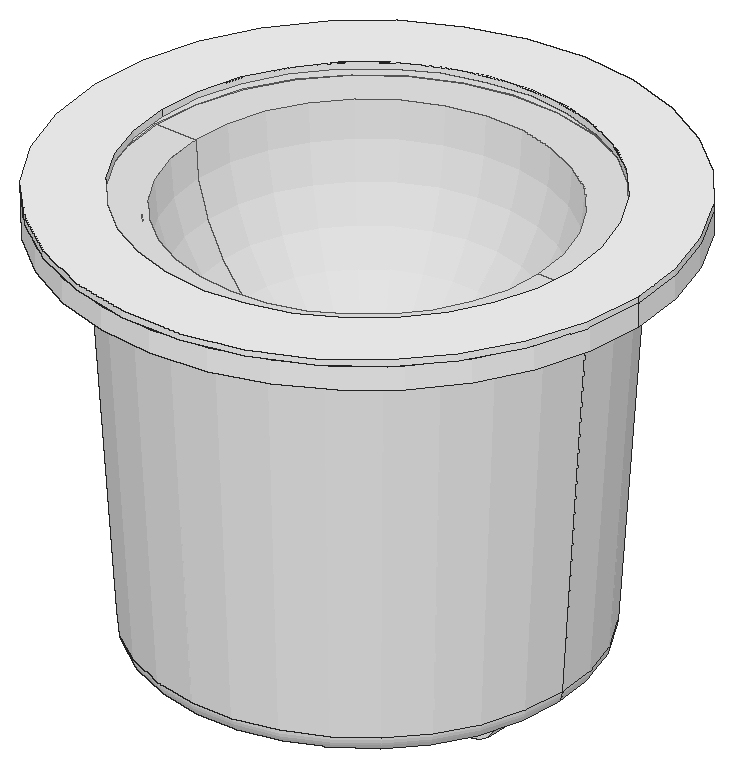
Revit family "2059239", category Lighting Fixtures, host Face, Revit 2018
Family settings
  Host = Face
  Round Connector Dimension = Use Diameter
  Part Type = Normal
  OmniClass Number = 23.80.70.11.17
  OmniClass Title = Specialized Lighting by Location or Use
  Cut with Voids When Loaded = No
  Light Source = Yes
  Shared = No
  Room Calculation Point = No
Parameters (values of type "2059239 MYRIAD DECO IP65 SP 2.7K PHD EM SI WBEZ")
  Weight = "n/a"
  Wattage = 15 W
  WarrantyStartDate [instance] = "n/a"
  WarrantyGuarantorParts = "n/a"
  WarrantyDurationUnit = "n/a"
  WarrantyDurationParts = ""
  WarrantyDescription = "http://www.sylvania-lighting.com"
  built-in parameter 1150110 = 1 (stored number, unit not read)
  Voltage = 230 V
  URL = "0"
  TypeName = "MYRIAD DECO IP65 SPOT 2700K PHDM EM SILVER WBEZ"
  Type Image = 0
  Type Comments = ""
  built-in parameter 1114217 = 1 (stored number, unit not read)
  Tilt Angle = -90°
  built-in parameter 1150109 = 1 (stored number, unit not read)
  built-in parameter 1150134 = (empty or 0)
  built-in parameter 1150113 = 1 (stored number, unit not read)
  SerialNumber [instance] = "n/a"
  Reflector Radius = Cutout Diameter / 2 - 2.5 mm  # 35.0 mm
  Reflector Material = Aluminum_Sylvania_Myriad_Bright
  Recessed Depth = Height  # 72.0 mm
  PowerFactor = 0
  PowerConsumption = "Lighting"
  Photometric Web File = "2059239.ies"
  NominalWidth = 0.0 mm
  NominalLength = 76.0 mm
  NominalHeight = 72.0 mm
  Name = "MYRIAD DECO IP65 SPOT 2700K PHDM EM SILVER WBEZ"
  ModelReference = "MYRIAD DECO IP65 SPOT 2700K PHDM EM SILVER WBEZ"
  ModelNumber = "2059239"
  Material = "Feilo Sylvania"
  ManufacturerName = "103 lm/W"
  LuminousEfficacy = ""
  LuminaireType = "0"
  LightOutputRatio = "LED"
  LampsType = Lamp  # "n/a"
  LampNominalLuminous = "2700 K"
  LampMacAdamStep = "90"
  LampColourTemperature = "LED"
  LampColourRenderingIndex = "16500"
  Keynote = "n/a"
  Keynote_2 = "16500"
  InstallationDate [instance] = "n/a"
  InputVoltage = "0"
  InputNominalFrequency = "2700"
  IngressProtection = "IfcLightFixtureType"
  ImpactProtectionIndex = "IfcLightFixtureType"
  IfcExportType = "IfcLightFixtureType"
  IfcExportAs = "Class II"
  Height = 72.0 mm  # constant formula
  ExpectedLife = 50000
  Emit from Circle Diameter = Accessory Inner Diameter 2  # 68.0 mm
  Emit Shape Visible in Rendering = no
  ElectricShockClassification = "103"
  DurationUnit = "hours"
  DocumentationLiterature = "http://www.sylvania-lighting.com/product/en-int/products/2059239"
  DimmingControlOptions = "n/a"
  Diffuser Material = Glass_Sylvania_Myriad_Clear_4000K
  Diffuser Diameter = Cutout Diameter  # 75.0 mm
  Cutout Diameter = 75.0 mm  # constant formula
  CreatedOn = "03/02/2022"
  CreatedBy = "@sylvania-lighting.com"
  built-in parameter 1001205 = 0
  Cost = 0
  built-in parameter 1114216 [instance] = 1 (stored number, unit not read)
  Model = "MYRIAD DECO IP65 SPOT 2700K PHDM EM SILVER WBEZ"
  Manufacturer = "Feilo Sylvania"  # constant formula
  built-in parameter 1150105 = 83.556 (stored number, unit not read)
  Lumens = 1050 lm
  built-in parameter 1150115 = 1 (stored number, unit not read)
  built-in parameter 1150137 = (empty or 0)
  built-in parameter 1150139 = (empty or 0)
  built-in parameter 1150112 = 1 (stored number, unit not read)
  built-in parameter 1150114 = 1 (stored number, unit not read)
  Lamp = "n/a"
  built-in parameter 1150132 = (empty or 0)
  built-in parameter 1150102 = (empty or 0)
  built-in parameter 1150107 = 2700 (stored number, unit not read)
  built-in parameter 1150138 = (empty or 0)
  built-in parameter 1150106 = 0.83556 (stored number, unit not read)
  built-in parameter 1150104 = 6.5032 (stored number, unit not read)
  Dimming Lamp Color Temperature Shift = <None>
  Description = "Supplied complete with electronic control gear Compact Fluorescent low energy downlight Emergency version passes through the cut out Ideal for low level orientation lighting New range of Architectural accessories each providing a different lit dimension New completely flush plaster up accessory ring for clean ceiling lines and smooth finish Order lamp separately"  # constant formula
  Default Elevation = 0.0 mm
  Color Filter = 16777215
  built-in parameter 1140040 [instance] = 1
  Body Radius = Reflector Radius + 1.5 mm  # 36.5 mm
  Body Material = Aluminum_Sylvania_Myriad_Gray
  BarCode [instance] = "n/a"
  built-in parameter 1114218 = 1 (stored number, unit not read)
  built-in parameter 1150133 = 10 (stored number, unit not read)
  AssetType = "Fixed"
  AssetIdentifier [instance] = "n/a"
  Assembly Code = "D5020200"
  Apparent Load = 12 VA
  Accessory Material = Aluminum_Sylvania_Myriad_White
  Accessory Inner Diameter 2 = Accessory Diameter - 22.0 mm  # 68.0 mm
  Accessory Inner Diameter 1 = Accessory Diameter - 2.0 mm  # 88.0 mm
  Accessory Diameter = Cutout Diameter + 15.0 mm  # 90.0 mm
Reference planes
  plane 1 "Center (Front/Back)": y = 0
  plane 2: z = 0
  plane 3 "Center (Left/Right)": x = 0
  plane 4: z = 2
  plane 5 "Fixture Bottom": z = 4.5
  plane 6: z = -28.5
  plane 7: z = -61.5
  plane 8 "Fixture Top": z = -67.5
  plane 9: z = 3.5
Forms (mm)
  Revolve 1, solid, material "Aluminum_Sylvania_Myriad_Bright" <- "Reflector Material", detail levels fine
    sketch origin (0, 0, 0) x (1, 0, 0) y (0, 0, 1)
      loop
        line (0, -27.515) -> (-6, -27.515)
        arc (-6, -27.515) -> (-22.333, -16.632) -> (-28.5, 2) r 30.135
        line (-28.5, 2) -> (-35, 2) -> (-35, 0) -> (-29.184, 0)
        arc (-29.184, 0) -> (-22.423, -18.18) -> (-6, -28.5) r 30.204
        line (-6, -28.5) -> (0, -28.5) -> (0, -27.515)
      axis (0, -28.5) -> (0, 2)
    angle from 0 to 360
  Revolve 2, solid, material "Aluminum_Sylvania_Myriad_Gray" <- "Body Material", detail levels fine
    sketch origin (0, 0, 0) x (1, 0, 0) y (0, 0, 1)
      loop
        line (-44, 2) -> (-44, 0) -> (-36.5, 0) -> (-32.42, -58.708)
        arc (-32.42, -58.708) -> (-31.474, -60.694) -> (-29.428, -61.5) r 3
        line (-29.428, -61.5) -> (0, -61.5) -> (0, -28.5) -> (-6, -28.5)
        arc (-6, -28.5) -> (-22.423, -18.18) -> (-29.184, 0) r 30.204
        line (-29.184, 0) -> (-35, 0) -> (-35, 2) -> (-44, 2)
      axis (0, 2) -> (0, -61.5)
    angle from 0 to 360
  Extrusion 3, solid, material "Aluminum_Sylvania_Myriad_Gray" <- "Body Material", detail levels fine
    sketch origin (0, 0, 0) x (1, 0, 0) y (0, 0, 1)
      loop
        line (-13.5, -67.5) -> (21, -67.5)
        arc (21, -67.5) -> (23.828, -66.328) -> (25, -63.5) r 4
        line (25, -63.5) -> (25, -61.5) -> (-17.5, -61.5) -> (-17.5, -63.5)
        arc (-17.5, -63.5) -> (-16.328, -66.328) -> (-13.5, -67.5) r 4
    from -4.5 to 4.5
  Extrusion 4, solid, material "Aluminum_Sylvania_Myriad_White" <- "Accessory Material", detail levels fine
    sketch origin (0, 0, 0) x (1, 0, 0) y (0, 1, 0)
      loop
        circle (0, 0) r 45
      loop
        circle (0, 0) r 44
    from 0 to 3.5
  Extrusion 5, solid, material "Aluminum_Sylvania_Myriad_White" <- "Accessory Material", detail levels fine
    sketch origin (0, 0, 0) x (1, 0, 0) y (0, 1, 0)
      loop
        circle (0, 0) r 45
      loop
        circle (0, 0) r 34
    from 3.5 to 4.5
  Extrusion 6, solid, material "Aluminum_Sylvania_Myriad_White" <- "Accessory Material", detail levels coarse+medium
    sketch origin (0, 0, 0) x (1, 0, 0) y (0, 1, 0)
      loop
        circle (0, 0) r 45
    from 0 to 4.5
  Revolve 7, solid, detail levels coarse+medium
    sketch origin (0, 0, 0) x (1, 0, 0) y (0, 0, 1)
      loop
        line (36.5, 0) -> (0, 0) -> (0, -61.5) -> (32.226, -61.5) -> (36.5, 0)
      axis (0, 0) -> (0, -61.5)
    angle from 0 to 360
  Extrusion 8, void
    sketch origin (0, 0, 0) x (1, 0, 0) y (0, 1, 0)
      loop
        circle (0, 0) r 37.5
    from -67.5 to 0
  Extrusion 9, solid, material "Glass_Sylvania_Myriad_Clear_4000K" <- "Diffuser Material", detail levels fine
    sketch origin (0, 0, 0) x (1, 0, 0) y (0, 1, 0)
      loop
        circle (0, 0) r 37.5
    from 2 to 3.5
Cuts and joins
  joined: Extrusion 4, Extrusion 5
Lines and regions (mm)
  Masking region 1
    outline origin (0, 0, 0) x (1, 0, 0) y (0, 1, 0)
      loop
        circle (0, 0) r 45
  symbolic lines
    curve 1: arc (-34, 0, 0) -> (0, 34, 0) -> (34, 0, 0) r 34
    curve 2: arc (34, 0, 0) -> (0, -34, 0) -> (-34, 0, 0) r 34
Dimensions and locks
  locked: plane 7 to plane 8 "Fixture Top" at 6
  "Body Radius": Revolve 7 sketch curve to plane 3 "Center (Left/Right)"
  locked: Revolve 7 sketch curve to Revolve 7 sketch curve at 4.274
  plane 5 "Fixture Bottom" to plane 9 to plane 4 to plane 2 to plane 6 = 1.0 mm locked, 1.5 mm locked, 2.0 mm locked, 28.5 mm locked
  "Reflector Radius": Revolve 1 sketch curve to plane 3 "Center (Left/Right)"
  Revolve 1 sketch curve to Revolve 1 sketch curve to Revolve 1 sketch curve to Revolve 1 sketch curve = 6.5 mm locked, 22.5 mm locked, 0.0 mm locked
  "Reflector Radius": plane 3 "Center (Left/Right)" to Revolve 2 sketch curve
  Revolve 2 sketch curve to Revolve 2 sketch curve to Revolve 2 sketch curve = 7.5 mm locked, 1.5 mm locked
  Revolve 2 sketch curve to Revolve 2 sketch curve to Revolve 2 sketch curve = 5.816 mm locked, 23.184 mm locked
  Revolve 2 sketch curve to Revolve 2 sketch curve to Revolve 2 sketch curve = 2.58 mm locked, 2.993 mm locked
  "Accessory Diameter": diameter of Extrusion 4 sketch curve
  "Accessory Inner Diameter 1": diameter of Extrusion 4 sketch curve
  "Accessory Diameter": diameter of Extrusion 5 sketch curve
  "Accessory Diameter": diameter of Extrusion 6 sketch curve
  "Cutout Diameter": diameter of Extrusion 8 sketch curve
  "Accessory Inner Diameter 2": diameter of Extrusion 5 sketch curve
  "Diffuser Diameter": diameter of Extrusion 9 sketch curve
  aligned and locked: plane 2 to host face
  aligned and locked: level to host face
  aligned and locked: plane 1 "Center (Front/Back)" to imposter light
  aligned and locked: plane 3 "Center (Left/Right)" to imposter light
  aligned and locked: Revolve 1 sketch curve to imposter light
  aligned and locked: Extrusion 3 sketch curve to plane 8 "Fixture Top"
  aligned and locked: plane 7 to Extrusion 3 sketch curve
  aligned and locked: Extrusion 4 to plane 2
  aligned and locked: plane 9 to Extrusion 4
  aligned and locked: Extrusion 5 to plane 9
  aligned and locked: plane 5 "Fixture Bottom" to Extrusion 5
  aligned and locked: Extrusion 6 to plane 2
  aligned and locked: plane 5 "Fixture Bottom" to Extrusion 6
  aligned and locked: Extrusion 8 to plane 8 "Fixture Top"
  aligned and locked: plane 2 to Extrusion 8
  aligned and locked: Masking region 1 sketch curve to Extrusion 6  (x2)
  aligned and locked: Extrusion 9 to plane 4
  aligned and locked: plane 9 to Extrusion 9
  aligned and locked: plane 4 to Revolve 2 sketch curve
  aligned and locked: Revolve 2 sketch curve to plane 2
  aligned and locked: curve 1 to cut or joined group of Extrusion 4, Extrusion 5
  aligned and locked: curve 2 to cut or joined group of Extrusion 4, Extrusion 5
  aligned and locked: imposter light to plane 5 "Fixture Bottom"
Automatic sketch dimensions
  host sketch curve to host sketch curve = 1305.563 mm
  host sketch curve to host sketch curve = 1283.632 mm
  Extrusion 3 sketch curve to plane 7 = 2.0 mm
  Extrusion 3 sketch curve to plane 3 "Center (Left/Right)" = 13.5 mm
  plane 3 "Center (Left/Right)" to Extrusion 3 sketch curve = 21.0 mm
  Extrusion 3 sketch curve to Extrusion 3 sketch curve = 4.0 mm
  Revolve 1 sketch curve to level = 0.0 mm
  Revolve 1 sketch curve to plane 3 "Center (Left/Right)" = 0.0 mm
  Revolve 1 sketch curve to plane 6 = 0.0 mm
  Revolve 1 sketch curve to plane 4 = 0.0 mm
  Revolve 1 sketch curve to Revolve 1 sketch curve = 0.684 mm
  level to Revolve 1 sketch curve = 0.88 mm
  Revolve 1 sketch curve to plane 4 = 0.363 mm
  Revolve 1 sketch curve to Revolve 1 sketch curve = 0.625 mm
  Revolve 1 sketch curve to plane 8 "Fixture Top" = 232.8 mm
  plane 5 "Fixture Bottom" to Revolve 1 sketch curve = 291.243 mm
  Revolve 2 sketch curve to plane 3 "Center (Left/Right)" = 0.0 mm  (x2)
  Revolve 2 sketch curve to plane 7 = 0.0 mm
  Revolve 2 sketch curve to plane 6 = 0.0 mm
  Revolve 2 sketch curve to level = 0.0 mm
  level to Revolve 2 sketch curve = 0.88 mm
  plane 7 to Revolve 2 sketch curve = 2.792 mm
  Revolve 2 sketch curve to plane 8 "Fixture Top" = 304.774 mm
  plane 5 "Fixture Bottom" to Revolve 2 sketch curve = 1137.105 mm
  Extrusion 4 sketch curve to Extrusion 4 sketch curve = 0.0 mm  (x2)
  plane 1 "Center (Front/Back)" to Extrusion 4 sketch curve = 0.0 mm
  Extrusion 4 sketch curve to plane 3 "Center (Left/Right)" = 0.0 mm
  Extrusion 5 sketch curve to Extrusion 5 sketch curve = 0.0 mm  (x2)
  plane 1 "Center (Front/Back)" to Extrusion 5 sketch curve = 0.0 mm
  Extrusion 5 sketch curve to plane 3 "Center (Left/Right)" = 0.0 mm
  plane 1 "Center (Front/Back)" to Extrusion 6 sketch curve = 0.0 mm
  Extrusion 6 sketch curve to plane 3 "Center (Left/Right)" = 0.0 mm
  Revolve 7 sketch curve to level = 0.0 mm
  Revolve 7 sketch curve to plane 3 "Center (Left/Right)" = 0.0 mm  (x2)
  Revolve 7 sketch curve to plane 7 = 0.0 mm
  Revolve 7 sketch curve to plane 8 "Fixture Top" = 304.774 mm
  plane 5 "Fixture Bottom" to Revolve 7 sketch curve = 43.226 mm
  plane 1 "Center (Front/Back)" to Extrusion 8 sketch curve = 0.0 mm
  Extrusion 8 sketch curve to plane 3 "Center (Left/Right)" = 0.0 mm
  plane 1 "Center (Front/Back)" to Extrusion 9 sketch curve = 0.0 mm
  Extrusion 9 sketch curve to plane 3 "Center (Left/Right)" = 0.0 mm
Connectors
  electrical at (-0.006, -0.019, -67.5), driven by "Apparent Load", driven by "Apparent Load"
    settings: on plane 8 "Fixture Top", index 1, voltage 230 V, apparent load 12 VA, apparent load phase1 12 VA, apparent load phase2 0 VA, apparent load phase3 0 VA, power factor 1, load classification "Lighting", number of poles 1, system type 30, power factor state 1, is connector primary yes, connector utility no, sub classification motor no, connector description ""
